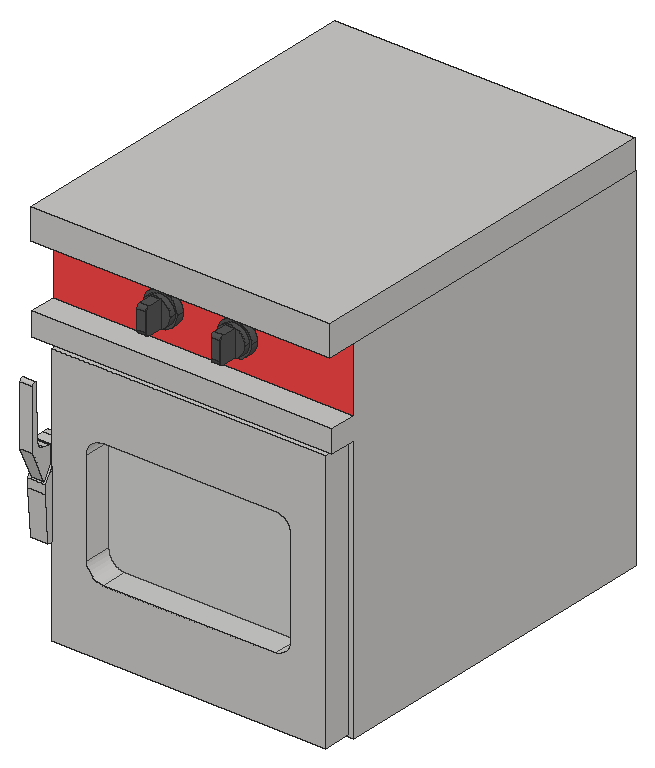
Revit family "ADB Ovens 505CT", category Equipement spécialisé, Revit 2022
Family settings
  Cote de connecteur circulaire = Utiliser le diamètre
  Type d'élément = Normal
  Numéro OmniClass = 23.40.40.14.17.11
  Titre OmniClass = Cookers, Ovens, Stoves
  Basée sur le plan de construction = Non
  Toujours verticalement = Oui
  Couper avec des vides une fois chargée = Non
  Conserver l'orientation des annotations = Non
  Partagée = Non
  Repère de localisation dans la pièce = Non
Parameters (values of type "CFE 505 CT")
  URL Cutsheet = "https://www.ambassade-de-bourgogne.com/fr/produits/fours/Resources/CFE-505-CT_CES-505.pdf"
  URL = "https://www.ambassade-de-bourgogne.com/fr/produits/fours/Resources/CFE-505-CT_CES-505.pdf"
  Electric Connection Type [instance] = "Bornier 40A"  # constant formula
  Item Number = ""
  Volts [instance] = 230 V  # constant formula
  Clearences [instance] = yes
  Base support SF 500 [instance] = no
  Specification by Manufacturer = ""
  Sans option [instance] = not(SF500)  # yes
  SF500 [instance] = or(Base support SF 500, [Shelves ECH500 + base support SF500])  # no
  Electrical Remarks [instance] = "230V(MONO) commutable 400V(TRI)"  # constant formula
  Electric power [instance] = 2500 W  # constant formula
  Depth [instance] = 684 mm  # constant formula
  Encombrement Porte standard [instance] = and(Clearences, not(Door hinges inversion option))  # yes
  Door hinges inversion option [instance] = no
  Weight [instance] = 58.00 kg + if(or(Base support SF 500, [Shelves ECH500 + base support SF500]), 10.00 kg, 0.00 kg)  # 58.00 kg
  Phase [instance] = 1  # constant formula
  Number of Poles [instance] = Phase  # 1
  Modèle = "CFE 505 CT"
  Length [instance] = 500 mm  # constant formula
  Operational Current [instance] = Electric power / (Volts * sqrt(Phase))  # 10.8696 A
  Ht Four = 655 mm  # constant formula
  Height [instance] = if(SF500, 1538 mm, 655 mm)  # 655 mm
  Cycle [instance] = 50 Hz  # constant formula
  Fabricant = "Société Industrielle de Lacanche"  # constant formula
  Encombrement Porte inversée [instance] = and(Clearences, Door hinges inversion option)  # no
  Default Elevation = 0 mm
  Shelves ECH500 + base support SF500 [instance] = no
  Décalage porte [instance] = if(Door hinges inversion option, 10 mm, 33.5 mm)  # 33.5 mm
  Décalage poignée [instance] = if(Door hinges inversion option, Length, 35.5 mm)  # 35.5 mm
  Description = ""
  Connectors [instance] = yes
  Type Comments = ""
Reference planes
  plane 1 "Centre (avant/arrière)": y = 0
  plane 2: z = 0
  plane 3 "Centre (gauche/droite)": x = 0
  plane 4: z = 655
  plane 5 "gauche": x = -250
  plane 6 "droite": x = 250
  plane 7 "avant": y = -342
  plane 8 "arrière": y = 342
  plane 9 "Bas Four": z = 0
  plane 10 "poignée": x = -214.5
  plane 11: z = 15.8
  plane 12 "Elec X": x = 100
  plane 13 "ElecZ": z = 490
Forms (mm)
  Revolve 1, solid, material "ADB_Plastic-Black", visible <- "SF500", detail levels medium+fine
    sketch origin (0, 273.5, 0) x (1, 0, 0) y (0, 0, 1)
      loop
        line (-221, 0) -> (-221, 15) -> (-226, 15) -> (-226, 11.5) -> (-228, 11.5) -> (-228, 8) -> (-229.5, 8) -> (-236.5, 2.5) -> (-236.5, 0) -> (-221, 0)
      axis (-221, 15) -> (-221, 0)
    angle from 0 to 360
  Revolve 2, solid, material "ADB_Plastic-Black", visible <- "SF500", detail levels medium+fine
    sketch origin (0, -206.5, 0) x (1, 0, 0) y (0, 0, 1)
      loop
        line (-221, 0) -> (-221, 15) -> (-226, 15) -> (-226, 11.5) -> (-228, 11.5) -> (-228, 8) -> (-229.5, 8) -> (-236.5, 2.5) -> (-236.5, 0) -> (-221, 0)
      axis (-221, 15) -> (-221, 0)
    angle from 0 to 360
  Revolve 3, solid, material "ADB_Plastic-Black", visible <- "SF500", detail levels medium+fine
    sketch origin (0, 273.5, 0) x (-1, 0, 0) y (0, 0, -1)
      loop
        line (-221, 0) -> (-236.5, 0) -> (-236.5, -2.5) -> (-229.5, -8) -> (-228, -8) -> (-228, -11.5) -> (-226, -11.5) -> (-226, -15) -> (-221, -15) -> (-221, 0)
      axis (-221, -15) -> (-221, 0)
    angle from 0 to 360
  Revolve 4, solid, material "ADB_Plastic-Black", visible <- "SF500", detail levels medium+fine
    sketch origin (0, -206.5, 0) x (-1, 0, 0) y (0, 0, -1)
      loop
        line (-221, 0) -> (-236.5, 0) -> (-236.5, -2.5) -> (-229.5, -8) -> (-228, -8) -> (-228, -11.5) -> (-226, -11.5) -> (-226, -15) -> (-221, -15) -> (-221, 0)
      axis (-221, -15) -> (-221, 0)
    angle from 0 to 360
  Extrusion 5, solid, material "ADB_Stainless Steel-Polished", visible <- "SF500", detail levels medium+fine
    sketch origin (0, 0, 0) x (1, 0, 0) y (0, 1, 0)
      loop
        line (-201, -226.5) -> (-201, -186.5) -> (-241, -186.5) -> (-241, -226.5) -> (-201, -226.5)
      loop
        line (241, -226.5) -> (241, -186.5) -> (201, -186.5) -> (201, -226.5) -> (241, -226.5)
      loop
        line (241, 253.5) -> (241, 293.5) -> (201, 293.5) -> (201, 253.5) -> (241, 253.5)
      loop
        line (-241, 253.5) -> (-201, 253.5) -> (-201, 293.5) -> (-241, 293.5) -> (-241, 253.5)
    from 15 to 897
  Extrusion 6, solid, material "ADB_Stainless Steel-Polished", visible <- "SF500", detail levels medium+fine
    sketch origin (0, 0, 0) x (1, 0, 0) y (0, 1, 0)
      loop
        line (231.055, -206.59) -> (229.749, 272.214) -> (-231.055, 273.59) -> (-229.749, -205.214) -> (231.055, -206.59)
    from 159.2 to 195.2
  Extrusion 7, solid, material "ADB_Stainless Steel-Polished", visible <- "SF500", detail levels medium+fine
    sketch origin (0, 0, 0) x (1, 0, 0) y (0, 1, 0)
      loop
        line (-231, -206.5) -> (231, -206.5) -> (231, 273.5) -> (-231, 273.5) -> (-231, -206.5)
    from 857 to 897
  Extrusion 8, solid, material "ADB_Stainless Steel-Polished", visible <- "Shelves ECH500 + base support SF500", detail levels medium+fine
    sketch origin (0, 0, 0) x (1, 0, 0) y (0, 1, 0)
      loop
        line (-201, -146.5) -> (-201, -116.5) -> (-231, -116.5) -> (-231, -118) -> (-202.5, -118) -> (-202.5, -146.5) -> (-201, -146.5)
      loop
        line (-201, 183.5) -> (-201, 213.5) -> (-202.5, 213.5) -> (-202.5, 185) -> (-231, 185) -> (-231, 183.5) -> (-201, 183.5)
      loop
        line (201, -146.5) -> (202.5, -146.5) -> (202.5, -118) -> (231, -118) -> (231, -116.5) -> (201, -116.5) -> (201, -146.5)
      loop
        line (201, 183.5) -> (231, 183.5) -> (231, 185) -> (202.5, 185) -> (202.5, 213.5) -> (201, 213.5) -> (201, 183.5)
    from 195.2 to 857
  Revolve 9, solid, material "ADB_Plastic-Black", visible <- "Sans option", detail levels medium+fine
    sketch origin (208, 0, 0) x (0, 1, 0) y (0, 0, 1)
      loop
        line (-165.85, 14.5) -> (-165.85, 10.5) -> (-168.25, 10.5) -> (-168.25, 7.25) -> (-171.5, 4) -> (-171.5, 0) -> (-156.5, 0) -> (-156.5, 15.8) -> (-160.5, 15.8) -> (-160.5, 14.5) -> (-165.85, 14.5)
      axis (-156.5, 0) -> (-156.5, 15.8)
    angle from 0 to 360
  Revolve 10, solid, material "ADB_Plastic-Black", visible <- "Sans option", detail levels medium+fine
    sketch origin (208, 380, 0) x (0, 1, 0) y (0, 0, 1)
      loop
        line (-165.85, 14.5) -> (-165.85, 10.5) -> (-168.25, 10.5) -> (-168.25, 7.25) -> (-171.5, 4) -> (-171.5, 0) -> (-156.5, 0) -> (-156.5, 15.8) -> (-160.5, 15.8) -> (-160.5, 14.5) -> (-165.85, 14.5)
      axis (-156.5, 0) -> (-156.5, 15.8)
    angle from 0 to 360
  Revolve 11, solid, material "ADB_Plastic-Black", visible <- "Sans option", detail levels medium+fine
    sketch origin (-208, 0, 0) x (0, 1, 0) y (0, 0, -1)
      loop
        line (-165.85, -14.5) -> (-160.5, -14.5) -> (-160.5, -15.8) -> (-156.5, -15.8) -> (-156.5, 0) -> (-171.5, 0) -> (-171.5, -4) -> (-168.25, -7.25) -> (-168.25, -10.5) -> (-165.85, -10.5) -> (-165.85, -14.5)
      axis (-156.5, 0) -> (-156.5, -15.8)
    angle from 0 to 360
  Revolve 12, solid, material "ADB_Plastic-Black", visible <- "Sans option", detail levels medium+fine
    sketch origin (-208, 380, 0) x (0, 1, 0) y (0, 0, -1)
      loop
        line (-165.85, -14.5) -> (-160.5, -14.5) -> (-160.5, -15.8) -> (-156.5, -15.8) -> (-156.5, 0) -> (-171.5, 0) -> (-171.5, -4) -> (-168.25, -7.25) -> (-168.25, -10.5) -> (-165.85, -10.5) -> (-165.85, -14.5)
      axis (-156.5, 0) -> (-156.5, -15.8)
    angle from 0 to 360
  Extrusion 13, solid, material "ADB_Stainless Steel-Polished", detail levels medium+fine
    sketch origin (250, 0, 0) x (0, 1, 0) y (0, 0, 1)
      loop
        line (325, 15.8) -> (325, 605.6) -> (-263, 605.6) -> (-263, 498.3) -> (-308, 498.3) -> (-308, 460.8) -> (-263, 460.8) -> (-263, 15.8) -> (325, 15.8)
    from -499 to 1
  Extrusion 14, solid, material "ADB_Stainless Steel-Polished", detail levels medium+fine
    sketch origin (250, 0, 0) x (0, 1, 0) y (0, 0, 1)
      loop
        line (-310, 655) -> (-310, 604.8) -> (325, 604.8) -> (325, 655) -> (-310, 655)
    from 0 to -500
  Extrusion 15, solid, material "ADB_Stainless Steel-Polished", detail levels fine
    sketch origin (0, 0, 0) x (0, 1, 0) y (0, 0, 1)
      loop
        line (342, 309.303) -> (325, 309.303) -> (325, 113.3) -> (342, 113.3) -> (342, 309.303)
    from -59.5 to 59.5
  Extrusion 16, solid, material "ADB_Stainless Steel-Polished", detail levels fine
    sketch origin (-250, 0, 0) x (0, 1, 0) y (0, 0, 1)
      loop
        line (342, 443.3) -> (325, 443.3) -> (325, 343.3) -> (342, 343.3) -> (342, 443.3)
    from 85.5 to 114.5
  Extrusion 17, solid, material "ADB_Stainless Steel-Polished", detail levels medium+fine
    sketch origin (0, -342, 0) x (-1, 0, 0) y (0, 0, 1)
      loop
        line (216.5, 454.146) -> (-241.5, 454.146) -> (-241.5, 17.3) -> (216.5, 17.3) -> (216.5, 454.146)
      loop
        arc (-156.018, 342.518) -> (-175.251, 334.551) -> (-183.218, 315.318) r 27.2
        line (-183.218, 315.318) -> (-183.218, 157.282)
        arc (-183.218, 157.282) -> (-175.251, 138.049) -> (-156.018, 130.082) r 27.2
        line (-156.018, 130.082) -> (131, 130.082)
        arc (131, 130.082) -> (150.246, 138.054) -> (158.218, 157.3) r 27.218
        line (158.218, 157.3) -> (158.218, 315.3)
        arc (158.218, 315.3) -> (150.246, 334.546) -> (131, 342.518) r 27.218
        line (131, 342.518) -> (-156.018, 342.518)
    from 34 to 79
  Extrusion 18, solid, material "ADB_Glass-Transparent", detail levels medium+fine
    sketch origin (0, -342, 0) x (-1, 0, 0) y (0, 0, 1)
      loop
        arc (-156, 342.518) -> (-175.246, 334.546) -> (-183.218, 315.3) r 27.218
        line (-183.218, 315.3) -> (-183.218, 157.3)
        arc (-183.218, 157.3) -> (-175.246, 138.054) -> (-156, 130.082) r 27.218
        line (-156, 130.082) -> (131, 130.082)
        arc (131, 130.082) -> (150.246, 138.054) -> (158.218, 157.3) r 27.218
        line (158.218, 157.3) -> (158.218, 315.3)
        arc (158.218, 315.3) -> (150.246, 334.546) -> (131, 342.518) r 27.218
        line (131, 342.518) -> (-156, 342.518)
    from 34 to 79
  Extrusion 19, solid, material "ADB_Stainless Steel-Polished", detail levels medium+fine
    sketch origin (-214.5, 0, 0) x (0, 0, 1) y (0, -1, 0)
      loop
        line (240.8, 320) -> (165.8, 315) -> (161.323, 288.986) -> (160.8, 279) -> (311.3, 279) -> (310.777, 288.986) -> (309.609, 306.5) -> (279.609, 306.5) -> (255.8, 320) -> (240.8, 320)
    from -2 to -32
  Extrusion 20, solid, material "ADB_Stainless Steel-Polished", detail levels medium+fine
    sketch origin (-214.5, 0, 0) x (0, 0, 1) y (0, -1, 0)
      loop
        line (323.853, 332.352) -> (414.8, 335.528)
        arc (414.8, 335.528) -> (413.705, 339.699) -> (409.8, 341.528) r 5.083
        line (409.8, 341.528) -> (309.8, 341.528) -> (258.394, 318.529) -> (279.609, 306.5) -> (308.369, 306.5) -> (309.363, 317.862)
        arc (309.363, 317.862) -> (313.607, 328.108) -> (323.853, 332.352) r 14.49
    from -6.5 to -27.5
  Extrusion 21, solid, material "ADB_Network_Electricity_Yellow", visible <- "Connectors", detail levels medium+fine
    sketch origin (490.887, 325, 605.6) x (0, 0, -1) y (-1, 0, 0)
      loop
        circle (115.6, 390.887) r 10
    from 0 to 10
  Extrusion 22, solid, detail levels coarse
    sketch origin (0, 0, 0) x (1, 0, 0) y (0, 1, 0)
      loop
        line (-250, 342) -> (-250, -342) -> (250, -342) -> (250, 342) -> (-250, 342)
    from 0 to 655 <- "Height"
Cuts and joins
  joined: Extrusion 5, Extrusion 6, Extrusion 7
Lines and regions (mm)
  symbolic lines, style "SpecialityEquipmentHiddenLines", visible <- "Encombrement Porte standard"
    curve 1: line (241.5, -308, 0) -> (241.5, -766, 0)
    curve 4: arc (241.5, -766, 0) -> (-82.355, -631.855, 0) -> (-216.5, -308, 0) r 458
  symbolic lines, style "SpecialityEquipmentHiddenLines", visible <- "Encombrement Porte inversée"
    curve 2: line (-240, -308, 0) -> (-240, -766, 0)
    curve 3: arc (-240, -766, 0) -> (83.855, -631.855, 0) -> (218, -308, 0) r 458
Dimensions and locks
  "Height": plane 4 to plane 2
  equal spacing: plane 5 "gauche", plane 3 "Centre (gauche/droite)", plane 6 "droite"
  "Length": plane 5 "gauche" to plane 6 "droite"
  equal spacing: plane 8 "arrière", plane 1 "Centre (avant/arrière)", plane 7 "avant"
  "Depth": plane 8 "arrière" to plane 7 "avant"
  "Ht Four": plane 4 to plane 9 "Bas Four"
  locked: Extrusion 13 to plane 5 "gauche" at 1
  locked: Extrusion 13 sketch curve to plane 9 "Bas Four" at 15.8
  Extrusion 15 sketch curve to Extrusion 15 sketch curve to plane 9 "Bas Four" = 196.003 mm locked, 113.3 mm locked
  plane 9 "Bas Four" to Extrusion 16 sketch curve to Extrusion 16 sketch curve = 343.3 mm locked, 100 mm locked
  "Décalage porte": Extrusion 17 sketch curve to plane 5 "gauche"
  Extrusion 17 sketch curve to Extrusion 17 sketch curve to Extrusion 17 sketch curve to Extrusion 17 sketch curve = 58.282 mm locked, 341.435 mm locked, 58.282 mm locked
  Extrusion 17 sketch curve to Extrusion 17 sketch curve to Extrusion 17 sketch curve to Extrusion 17 sketch curve to plane 9 "Bas Four" = 111.628 mm locked, 212.435 mm locked, 112.782 mm locked, 17.3 mm locked
  "Décalage poignée": plane 10 "poignée" to plane 5 "gauche"
  locked: plane 9 "Bas Four" to plane 11 at 15.8
  locked: plane 6 "droite" to plane 12 "Elec X" at 150
  locked: plane 9 "Bas Four" to plane 13 "ElecZ" at 490
  radius of Extrusion 18 sketch curve = 27.218 mm  (x4)
  radius of Extrusion 17 sketch curve = 27.2 mm  (x2)
  radius of Extrusion 17 sketch curve = 27.218 mm  (x2)
  aligned and locked: level to plane 2
  aligned and locked: Extrusion 14 to plane 5 "gauche"
  aligned and locked: Extrusion 17 to Extrusion 18 sketch curve  (x4)
  aligned and locked: plane 12 "Elec X" to Extrusion 21
  aligned and locked: plane 13 "ElecZ" to Extrusion 21 sketch curve
  aligned and locked: plane 12 "Elec X" to Extrusion 21 sketch curve
  aligned and locked: Extrusion 17 to curve 4
Automatic sketch dimensions
  Revolve 1 sketch curve to level = 0 mm  (x2)
  plane 5 "gauche" to Revolve 1 sketch curve = 13.5 mm
  Revolve 1 sketch curve to Revolve 1 sketch curve = 7 mm
  Revolve 1 sketch curve to Revolve 1 sketch curve = 1.5 mm
  Revolve 1 sketch curve to Revolve 1 sketch curve = 2 mm
  Revolve 1 sketch curve to Revolve 1 sketch curve = 5 mm
  level to Revolve 1 sketch curve = 2.5 mm
  level to Revolve 1 sketch curve = 8 mm
  Revolve 1 sketch curve to Revolve 1 sketch curve = 3.5 mm  (x2)
  Revolve 1 sketch curve to Revolve 1 sketch curve = 0 mm  (x2)
  Revolve 2 sketch curve to level = 0 mm  (x2)
  plane 5 "gauche" to Revolve 2 sketch curve = 13.5 mm
  Revolve 2 sketch curve to Revolve 2 sketch curve = 7 mm
  Revolve 2 sketch curve to Revolve 2 sketch curve = 1.5 mm
  Revolve 2 sketch curve to Revolve 2 sketch curve = 2 mm
  Revolve 2 sketch curve to Revolve 2 sketch curve = 5 mm
  level to Revolve 2 sketch curve = 2.5 mm
  level to Revolve 2 sketch curve = 8 mm
  Revolve 2 sketch curve to Revolve 2 sketch curve = 3.5 mm  (x2)
  Revolve 2 sketch curve to Revolve 2 sketch curve = 0 mm  (x2)
  Revolve 3 sketch curve to level = 0 mm  (x2)
  Revolve 3 sketch curve to plane 6 "droite" = 13.5 mm
  Revolve 3 sketch curve to Revolve 3 sketch curve = 7 mm
  Revolve 3 sketch curve to Revolve 3 sketch curve = 1.5 mm
  Revolve 3 sketch curve to Revolve 3 sketch curve = 2 mm
  Revolve 3 sketch curve to Revolve 3 sketch curve = 5 mm
  level to Revolve 3 sketch curve = 2.5 mm
  level to Revolve 3 sketch curve = 8 mm
  Revolve 3 sketch curve to Revolve 3 sketch curve = 3.5 mm  (x2)
  Revolve 3 sketch curve to Revolve 3 sketch curve = 0 mm  (x2)
  Revolve 4 sketch curve to level = 0 mm  (x2)
  Revolve 4 sketch curve to plane 6 "droite" = 13.5 mm
  Revolve 4 sketch curve to Revolve 4 sketch curve = 7 mm
  Revolve 4 sketch curve to Revolve 4 sketch curve = 1.5 mm
  Revolve 4 sketch curve to Revolve 4 sketch curve = 2 mm
  Revolve 4 sketch curve to Revolve 4 sketch curve = 5 mm
  level to Revolve 4 sketch curve = 2.5 mm
  level to Revolve 4 sketch curve = 8 mm
  Revolve 4 sketch curve to Revolve 4 sketch curve = 3.5 mm  (x2)
  Revolve 4 sketch curve to Revolve 4 sketch curve = 0 mm  (x2)
  plane 5 "gauche" to Extrusion 5 sketch curve = 9 mm  (x2)
  Extrusion 5 sketch curve to Extrusion 5 sketch curve = 40 mm  (x6)
  Extrusion 5 sketch curve to plane 6 "droite" = 49 mm  (x2)
  Extrusion 5 sketch curve to plane 6 "droite" = 9 mm  (x2)
  plane 7 "avant" to Extrusion 5 sketch curve = 115.5 mm  (x2)
  Extrusion 5 sketch curve to plane 8 "arrière" = 88.5 mm  (x2)
  plane 5 "gauche" to Extrusion 6 sketch curve = 18.945 mm
  plane 5 "gauche" to Extrusion 6 sketch curve = 20.251 mm
  Extrusion 6 sketch curve to plane 6 "droite" = 20.251 mm
  Extrusion 6 sketch curve to plane 6 "droite" = 18.945 mm
  plane 7 "avant" to Extrusion 6 sketch curve = 135.41 mm
  plane 7 "avant" to Extrusion 6 sketch curve = 136.786 mm
  Extrusion 6 sketch curve to plane 8 "arrière" = 69.786 mm
  Extrusion 6 sketch curve to plane 8 "arrière" = 68.41 mm
  plane 5 "gauche" to Extrusion 7 sketch curve = 19 mm
  Extrusion 7 sketch curve to plane 6 "droite" = 19 mm
  plane 7 "avant" to Extrusion 7 sketch curve = 135.5 mm
  Extrusion 7 sketch curve to plane 8 "arrière" = 68.5 mm
  plane 5 "gauche" to Extrusion 8 sketch curve = 19 mm  (x2)
  Extrusion 8 sketch curve to Extrusion 8 sketch curve = 28.5 mm  (x6)
  Extrusion 8 sketch curve to Extrusion 8 sketch curve = 1.5 mm  (x8)
  Extrusion 8 sketch curve to plane 6 "droite" = 49 mm  (x2)
  Extrusion 8 sketch curve to plane 6 "droite" = 19 mm  (x2)
  plane 1 "Centre (avant/arrière)" to Extrusion 8 sketch curve = 146.5 mm  (x2)
  Extrusion 8 sketch curve to plane 8 "arrière" = 158.5 mm  (x2)
  Revolve 9 sketch curve to level = 0 mm  (x2)
  plane 7 "avant" to Revolve 9 sketch curve = 170.5 mm
  Revolve 9 sketch curve to Revolve 9 sketch curve = 3.25 mm  (x3)
  Revolve 9 sketch curve to Revolve 9 sketch curve = 2.4 mm
  Revolve 9 sketch curve to Revolve 9 sketch curve = 5.35 mm
  Revolve 9 sketch curve to Revolve 9 sketch curve = 4 mm  (x2)
  level to Revolve 9 sketch curve = 4 mm
  Revolve 9 sketch curve to Revolve 9 sketch curve = 1.3 mm
  Revolve 9 sketch curve to Revolve 9 sketch curve = 0 mm  (x2)
  Revolve 10 sketch curve to level = 0 mm  (x2)
  Revolve 10 sketch curve to plane 8 "arrière" = 133.5 mm
  Revolve 10 sketch curve to Revolve 10 sketch curve = 3.25 mm  (x3)
  Revolve 10 sketch curve to Revolve 10 sketch curve = 2.4 mm
  Revolve 10 sketch curve to Revolve 10 sketch curve = 5.35 mm
  Revolve 10 sketch curve to Revolve 10 sketch curve = 4 mm  (x2)
  level to Revolve 10 sketch curve = 4 mm
  Revolve 10 sketch curve to Revolve 10 sketch curve = 1.3 mm
  Revolve 10 sketch curve to Revolve 10 sketch curve = 0 mm  (x2)
  Revolve 11 sketch curve to level = 0 mm  (x2)
  plane 7 "avant" to Revolve 11 sketch curve = 170.5 mm
  Revolve 11 sketch curve to Revolve 11 sketch curve = 3.25 mm  (x3)
  Revolve 11 sketch curve to Revolve 11 sketch curve = 2.4 mm
  Revolve 11 sketch curve to Revolve 11 sketch curve = 5.35 mm
  Revolve 11 sketch curve to Revolve 11 sketch curve = 4 mm  (x3)
  Revolve 11 sketch curve to Revolve 11 sketch curve = 1.3 mm
  Revolve 11 sketch curve to Revolve 11 sketch curve = 0 mm  (x2)
  Revolve 12 sketch curve to level = 0 mm  (x2)
  Revolve 12 sketch curve to plane 8 "arrière" = 133.5 mm
  Revolve 12 sketch curve to Revolve 12 sketch curve = 3.25 mm  (x3)
  Revolve 12 sketch curve to Revolve 12 sketch curve = 2.4 mm
  Revolve 12 sketch curve to Revolve 12 sketch curve = 5.35 mm
  Revolve 12 sketch curve to Revolve 12 sketch curve = 4 mm  (x3)
  Revolve 12 sketch curve to Revolve 12 sketch curve = 1.3 mm
  Revolve 12 sketch curve to Revolve 12 sketch curve = 0 mm  (x2)
  Extrusion 13 sketch curve to plane 8 "arrière" = 17 mm
  plane 4 to Extrusion 13 sketch curve = 49.4 mm
  plane 4 to Extrusion 14 sketch curve = 50.2 mm
  plane 7 "avant" to Extrusion 14 sketch curve = 32 mm
  Extrusion 14 sketch curve to plane 8 "arrière" = 17 mm
  plane 4 to Extrusion 14 sketch curve = 0 mm
  plane 7 "avant" to Extrusion 13 sketch curve = 34 mm
  Extrusion 13 sketch curve to Extrusion 13 sketch curve = 107.3 mm
  Extrusion 13 sketch curve to Extrusion 13 sketch curve = 45 mm
  Extrusion 13 sketch curve to Extrusion 13 sketch curve = 37.5 mm
  Extrusion 13 sketch curve to Extrusion 13 sketch curve = 0 mm
  Extrusion 15 sketch curve to plane 8 "arrière" = 0 mm
  Extrusion 15 sketch curve to Extrusion 15 sketch curve = 17 mm
  Extrusion 16 sketch curve to plane 8 "arrière" = 0 mm
  Extrusion 16 sketch curve to Extrusion 16 sketch curve = 17 mm
  plane 7 "avant" to Extrusion 20 sketch curve = 23.471 mm
  Extrusion 20 sketch curve to plane 11 = 242.594 mm
  plane 7 "avant" to Extrusion 20 sketch curve = 35.5 mm
  Extrusion 20 sketch curve to Extrusion 20 sketch curve = 21.215 mm
  Extrusion 20 sketch curve to Extrusion 20 sketch curve = 28.76 mm
  plane 7 "avant" to Extrusion 20 sketch curve = 24.138 mm
  Extrusion 20 sketch curve to Extrusion 20 sketch curve = 0.994 mm
  plane 7 "avant" to Extrusion 20 sketch curve = 0.472 mm
  Extrusion 20 sketch curve to Extrusion 20 sketch curve = 0.437 mm
  plane 7 "avant" to Extrusion 20 sketch curve = 9.648 mm
  plane 7 "avant" to Extrusion 20 sketch curve = 5.555 mm
  Extrusion 20 sketch curve to Extrusion 20 sketch curve = 85.947 mm
  Extrusion 20 sketch curve to Extrusion 20 sketch curve = 5 mm
  Extrusion 19 sketch curve to plane 11 = 145 mm
  plane 7 "avant" to Extrusion 19 sketch curve = 53.014 mm  (x2)
  Extrusion 19 sketch curve to Extrusion 19 sketch curve = 0.523 mm  (x2)
  plane 7 "avant" to Extrusion 19 sketch curve = 27 mm
  Extrusion 19 sketch curve to Extrusion 19 sketch curve = 4.477 mm
  plane 7 "avant" to Extrusion 19 sketch curve = 22 mm
  Extrusion 19 sketch curve to Extrusion 19 sketch curve = 75 mm
  Extrusion 19 sketch curve to Extrusion 19 sketch curve = 15 mm
  plane 7 "avant" to Extrusion 19 sketch curve = 35.5 mm
  Extrusion 19 sketch curve to Extrusion 19 sketch curve = 23.809 mm
  Extrusion 19 sketch curve to Extrusion 19 sketch curve = 30 mm
  Extrusion 19 sketch curve to Extrusion 19 sketch curve = 1.168 mm
  plane 7 "avant" to Extrusion 19 sketch curve = 63 mm
  Extrusion 22 sketch curve to plane 5 "gauche" = 0 mm
  Extrusion 22 sketch curve to plane 6 "droite" = 0 mm
  Extrusion 22 sketch curve to plane 7 "avant" = 0 mm
  Extrusion 22 sketch curve to plane 8 "arrière" = 0 mm
  plane 5 "gauche" to curve 2 = 10 mm
  curve 3 to curve 2 = 0 mm  (x2)
  curve 1 to plane 6 "droite" = 8.5 mm
  curve 1 to curve 4 = 0 mm  (x2)
  curve 1 to plane 7 "avant" = 424 mm
  curve 2 to plane 7 "avant" = 424 mm
  curve 3 to curve 4 = 0 mm
  radius of Extrusion 21 sketch curve = 10 mm
Nested families
  nested 1: "ECH 500" at (-201, 0, 291.5), visible <- "Shelves ECH500 + base support SF500", type "ECH 500", detail levels medium+fine
  nested 2: "ECH 500" at (201, 0, 291.5) x (-1, 0, 0) z (0, 0, 1), visible <- "Shelves ECH500 + base support SF500", type "ECH 500", detail levels medium+fine
  nested 3: "ECH 500" at (-201, 0, 356.5), visible <- "Shelves ECH500 + base support SF500", type "ECH 500", detail levels medium+fine
  nested 4: "ECH 500" at (201, 0, 356.5) x (-1, 0, 0) z (0, 0, 1), visible <- "Shelves ECH500 + base support SF500", type "ECH 500", detail levels medium+fine
  nested 5: "ECH 500" at (-201, 0, 421.5), visible <- "Shelves ECH500 + base support SF500", type "ECH 500", detail levels medium+fine
  nested 6: "ECH 500" at (201, 0, 421.5) x (-1, 0, 0) z (0, 0, 1), visible <- "Shelves ECH500 + base support SF500", type "ECH 500", detail levels medium+fine
  nested 7: "ECH 500" at (-201, 0, 486.5), visible <- "Shelves ECH500 + base support SF500", type "ECH 500", detail levels medium+fine
  nested 8: "ECH 500" at (201, 0, 486.5) x (-1, 0, 0) z (0, 0, 1), visible <- "Shelves ECH500 + base support SF500", type "ECH 500", detail levels medium+fine
  nested 9: "ECH 500" at (-201, 0, 551.5), visible <- "Shelves ECH500 + base support SF500", type "ECH 500", detail levels medium+fine
  nested 10: "ECH 500" at (201, 0, 551.5) x (-1, 0, 0) z (0, 0, 1), visible <- "Shelves ECH500 + base support SF500", type "ECH 500", detail levels medium+fine
  nested 11: "ECH 500" at (-201, 0, 616.5), visible <- "Shelves ECH500 + base support SF500", type "ECH 500", detail levels medium+fine
  nested 12: "ECH 500" at (201, 0, 616.5) x (-1, 0, 0) z (0, 0, 1), visible <- "Shelves ECH500 + base support SF500", type "ECH 500", detail levels medium+fine
  nested 13: "ECH 500" at (-201, 0, 681.5), visible <- "Shelves ECH500 + base support SF500", type "ECH 500", detail levels medium+fine
  nested 14: "ECH 500" at (201, 0, 681.5) x (-1, 0, 0) z (0, 0, 1), visible <- "Shelves ECH500 + base support SF500", type "ECH 500", detail levels medium+fine
  nested 15: "ECH 500" at (-201, 0, 746.5), visible <- "Shelves ECH500 + base support SF500", type "ECH 500", detail levels medium+fine
  nested 16: "ECH 500" at (201, 0, 746.5) x (-1, 0, 0) z (0, 0, 1), visible <- "Shelves ECH500 + base support SF500", type "ECH 500", detail levels medium+fine
  nested 17: "Bouton" at (-62, -263, 552.05) x (1, 0, 0) z (0, -1, 0), type "Bouton", detail levels fine
  nested 18: "Bouton" at (62, -263, 552.05) x (-1, 0, 0) z (0, -1, 0), type "Bouton", detail levels fine
Connectors
  electrical at (100, 325, 490), driven by "Number of Poles", driven by "Volts", driven by "Electric power"
    settings: on Extrusion 21, index 1, voltage 230 V, apparent load 2500 VA, apparent load phase1 0 VA, apparent load phase2 0 VA, apparent load phase3 0 VA, power factor 1, load classification "Autre", number of poles 1, system type 30, power factor state 1, is connector primary yes, connector utility no, sub classification motor no, connector description ""
Definition of nested family "ECH 500"
  Parameters
    Default Elevation = 0 mm
  Reference planes
    plane 1 "Centre (avant/arrière)": y = 0
    plane 2: z = 0
    plane 3 "Centre (gauche/droite)": x = 0
  Forms (mm)
    Extrusion 1, solid
      sketch origin (201, 0.194, -291.5) x (1, 0, 0) y (0, 0, 1)
        loop
          line (-201, 311.5) -> (-201, 296.014)
          arc (-201, 296.014) -> (-199.678, 292.822) -> (-196.486, 291.5) r 4.514
          line (-196.486, 291.5) -> (-187, 291.5) -> (-187, 292.5) -> (-196.5, 292.5)
          arc (-196.5, 292.5) -> (-198.975, 293.525) -> (-200, 296) r 3.5
          line (-200, 296) -> (-200, 310.5) -> (-193, 310.5) -> (-193, 311.5) -> (-201, 311.5)
      from -208.5 to 141.5
    Extrusion 2, void
      sketch origin (1, 0.194, 20) x (0, 1, 0) y (1, 0, 0)
        loop
          line (-111.5, 0) -> (-111.5, 7) -> (-141.5, 7) -> (-141.5, 0) -> (-111.5, 0)
        loop
          line (178.5, 0) -> (208.5, 0) -> (208.5, 7) -> (178.5, 7) -> (178.5, 0)
      from 0 to 1
  Cuts and joins
    Extrusion 2 cuts Extrusion 1
  Dimensions and locks
    aligned and locked: level to plane 2
Definition of nested family "Bouton"
  Parameters (values of type "Bouton")
    Matériau base bouton = none
    Default Elevation = 1219.2 mm
  Reference planes
    plane 1 "Centre (avant/arrière)": y = 0
    plane 2: z = 0
    plane 3 "Centre (gauche/droite)": x = 0
  Forms (mm)
    Extrusion 1, solid
      sketch origin (0, 0, 0) x (1, 0, 0) y (0, 1, 0)
        loop
          line (-1219.2, 1219.2) -> (-1219.2, -1219.2) -> (1219.2, -1219.2) -> (1219.2, 1219.2) -> (-1219.2, 1219.2)
      from 0 to -304.8
    Extrusion 2, solid, material <- "Matériau base bouton", detail levels fine
      sketch origin (0, 0, 0) x (1, 0, 0) y (0, 1, 0)
        loop
          circle (0, 0) r 28.5
      from 0 to 11.5
    Extrusion 3, solid, detail levels fine
      sketch origin (0, 0, 0) x (1, 0, 0) y (0, 1, 0)
        loop
          circle (0, 0) r 24.1
      from 11.5 to 20.5
    Extrusion 4, solid, detail levels fine
      sketch origin (0, 0, 0) x (1, 0, 0) y (0, 0, 1)
        loop
          line (-8.082, 20.5) -> (8.082, 20.5) -> (7.58, 49.253)
          arc (7.58, 49.253) -> (6.684, 51.34) -> (4.581, 52.2) r 3
          line (4.581, 52.2) -> (-4.581, 52.2)
          arc (-4.581, 52.2) -> (-6.684, 51.34) -> (-7.58, 49.253) r 3
          line (-7.58, 49.253) -> (-8.082, 20.5)
      from -22.082 to 22.162
    Extrusion 5, void
      sketch origin (0, 0, 0) x (0, 1, 0) y (0, 0, 1)
        loop
          line (-15.762, 50.701) -> (15.682, 50.701)
          arc (15.682, 50.701) -> (20.208, 48.826) -> (22.082, 44.301) r 6.4
          line (22.082, 44.301) -> (22.082, 41.701) -> (24.232, 41.701) -> (24.232, 54.688) -> (-24.768, 54.688) -> (-24.768, 41.701) -> (-22.162, 41.701) -> (-22.162, 44.301)
          arc (-22.162, 44.301) -> (-20.287, 48.826) -> (-15.762, 50.701) r 6.4
      from -15.908 to 13.709
  Cuts and joins
    Extrusion 5 cuts Extrusion 4
  Lines and regions (mm)
    symbolic lines, detail levels fine
      curve 1: line (0, -28.5, 0) -> (0, 28.5, 0)
  Dimensions and locks
    aligned and locked: plane 2 to Extrusion 1
    aligned and locked: level to Extrusion 1
